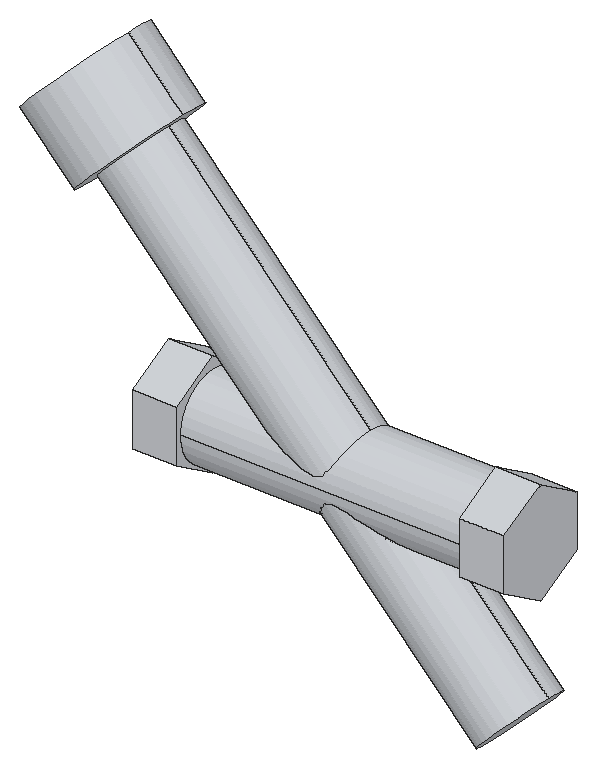
Revit family "304_Cim776 HF-_", category Pipe Accessories, Revit 2017
Family settings
  Round Connector Dimension = Use Diameter
  Part Type = Valve - Breaks Into
  Work Plane-Based = No
  Always vertical = Yes
  Cut with Voids When Loaded = No
  Shared = No
Parameters (values of type "Cim776 HF-15")
  magi_piping_given_dp [instance] = 0.0 Pa
  magiProductId = "Cim776 HF-15"
  magiProductFamilyId = "Cim776 HF-*"
  magiProductCode = "Cim776 HF-15"
  magiPartTypeId = 304
  ang2D [instance] = 0.00°
  Y4 = 21 mm
  W2D = 15 mm
  VersionID = "2.0/2015.11/CIMBERIO_CIM776_Q13_001"
  Use Minimum Symbol Size [instance] = yes
  URL = "www.cimberio.it"
  R1 = 13.5 mm
  QmdConnectorList = "301;D;302;D"
  Productdata [instance] = "© Progman Oy, all rights reserved"
  Manufacturer = "Cimberio"
  MC_Default_elevation = 0 mm
  LL5 = 138.734 mm
  LL2 = 72.96 mm
  LL1 = 48 mm
  L2D_Min = 3048 mm
  L2D = 96 mm
  HH3 = 20 mm
  HH1 = 60.382 mm
  Description = "AUTOMATIC BALANCING VALVE P.I.C.V. - PN 25 - \"CR\" BRASS - HIGH FLOW"
  DL__ve = -DL  # -11.52 mm
  DL = 11.52 mm
  DD2 = 31.6 mm
  DD1 = 21.6 mm
  D = 15 mm
  CenSd_R1_6 = R1 * cos(30.00°)  # 11.691 mm
  CAT0 = yes
Types (6, lengths in mm): name | magiProductId | magiProductCode | Y4 | W2D | R1 | LL5 | LL2 | LL1 | L2D | HH1 | DL__ve | DL | DD1 | D | CenSd_R1_6
  Cim776 HF-15 | "Cim776 HF-15" | "Cim776 HF-15" | 21 | 15 | 13.5 | 138.734 | 72.96 | 48 | 96 | 60.382 | -11.52 | 11.52 | 21.6 | 15 | 11.691
  Cim776 HF-50 | "Cim776 HF-50" | "Cim776 HF-50" | 60 | 50 | 34 | 210.329 | 117.8 | 77.5 | 155 | 62.681 | -18.6 | 18.6 | 54.4 | 50 | 29.445
  Cim776 HF-40 | "Cim776 HF-40" | "Cim776 HF-40" | 56 | 40 | 27 | 195.53 | 109.44 | 72 | 144 | 62.024 | -17.28 | 17.28 | 43.2 | 40 | 23.383
  Cim776 HF-32 | "Cim776 HF-32" | "Cim776 HF-32" | 44.8 | 32 | 24.5 | 142.49 | 97.28 | 64 | 128 | 55.653 | -15.36 | 15.36 | 39.2 | 32 | 21.218
  Cim776 HF-25 | "Cim776 HF-25" | "Cim776 HF-25" | 35 | 25 | 19.5 | 133.734 | 78.28 | 51.5 | 103 | 55.382 | -12.36 | 12.36 | 31.2 | 25 | 16.887
  Cim776 HF-20 | "Cim776 HF-20" | "Cim776 HF-20" | 28 | 20 | 16 | 136.234 | 73.72 | 48.5 | 97 | 57.882 | -11.64 | 11.64 | 25.6 | 20 | 13.856
Reference planes
  plane 1 "Center (Front/Back)": y = 0
  plane 2 "XYPLANE": z = 0
  plane 3 "Center (Left/Right)": x = 0
  plane 4 "INIT_TEMP": y = 100
  plane 5 "116": through (-585.733, 0, -474.927) normal (-0.7071, 0, 0.7071)
  plane 6 "115": y = 0
  plane 7 "114": through (-487.633, 0, -573.027) normal (-0.7071, 0, 0.7071)
  plane 8 "113": through (-530.33, 0, 530.33) normal (0.7071, 0, 0.7071)
  plane 9 "112": x = -36.48
  plane 10 "111": x = 48
  plane 11 "110": x = -48
  plane 12 "109": z = 0
  plane 13 "108": y = 0
  plane 14 "146XY": through (-530.33, 0, -530.33) normal (-0.7071, 0, 0.7071)
  plane 15 "146XZ": y = 0
  plane 16 "146YZ": through (-530.33, 0, 530.33) normal (0.7071, 0, 0.7071)
Forms (mm)
  Extrusion 1, solid, visible <- "CAT0"
    sketch origin (-487.633, 0, -573.027) x (0.707107, 0, 0.707107) y (0, 1, 0)
      loop
        circle (750, 0) r 10.5
    from 0 to 138.734 <- "LL5"
  Extrusion 2, solid, visible <- "CAT0"
    sketch origin (-585.733, 0, -474.927) x (0.707107, 0, 0.707107) y (0, 1, 0)
      loop
        circle (750, 0) r 15.8
    from 0 to 20 <- "HH3"
  Extrusion 3, solid, visible <- "CAT0"
    sketch origin (48, -750, 0) x (0, 1, 0) y (0, 0, 1)
      loop
        line (750, 13.5) -> (738.309, 6.75) -> (738.309, -6.75) -> (750, -13.5) -> (761.691, -6.75) -> (761.691, 6.75) -> (750, 13.5)
    from 0 to -11.52 <- "DL__ve"
  Extrusion 4, solid, visible <- "CAT0"
    sketch origin (-36.48, -750, 0) x (0, 1, 0) y (0, 0, 1)
      loop
        circle (750, 0) r 10.8
    from 0 to 72.96 <- "LL2"
  Extrusion 5, solid, visible <- "CAT0"
    sketch origin (-48, -750, 0) x (0, 1, 0) y (0, 0, 1)
      loop
        line (750, 13.5) -> (738.309, 6.75) -> (738.309, -6.75) -> (750, -13.5) -> (761.691, -6.75) -> (761.691, 6.75) -> (750, 13.5)
    from 0 to 11.52 <- "DL"
  Extrusion 6, solid, not visible
    sketch origin (48, -750, 0) x (0, 1, 0) y (0, 0, 1)
      loop
        circle (750, 0) r 10
    from 0 to -10
  Extrusion 7, solid, not visible
    sketch origin (-48, -750, 0) x (0, 1, 0) y (0, 0, 1)
      loop
        circle (750, 0) r 10
    from 0 to 10
Lines and regions (mm)
  reference lines
    curve 1: circle (48, 0, 0) r 1 normal (-1, 0, 0)
    curve 2: circle (-48, 0, 0) r 1 normal (1, 0, 0)
Text (mm)
  text "© Progman Oy, all rights reserved" at (-472.209, -2482.653, 0), in view "Ref. Level"
Dimensions and locks
  plane 4 "INIT_TEMP" to plane 1 "Center (Front/Back)" = 100 mm
  "LL5": plane 7 "114" to plane 5 "116"
  locked: plane 15 "146XZ" to plane 6 "115"
  "HH1": plane 14 "146XY" to plane 7 "114"
  locked: plane 16 "146YZ" to plane 8 "113"
  "DL": plane 11 "110" to plane 9 "112"
  "LL1": plane 3 "Center (Left/Right)" to plane 10 "111"
  "LL1": plane 3 "Center (Left/Right)" to plane 11 "110"
  locked: plane 2 "XYPLANE" to plane 12 "109"
  locked: plane 1 "Center (Front/Back)" to plane 13 "108"
  "CenSd_R1_6": curve 1 to Extrusion 3 sketch curve  (x6)
  "R1": curve 1 to Extrusion 3 sketch curve  (x6)
  "CenSd_R1_6": curve 2 to Extrusion 5 sketch curve  (x6)
  "R1": curve 2 to Extrusion 5 sketch curve  (x6)
  "Y4": diameter of Extrusion 1 sketch curve
  "DD2": diameter of Extrusion 2 sketch curve
  "DD1": diameter of Extrusion 4 sketch curve
  aligned and locked: level to plane 2 "XYPLANE"
  aligned and locked: plane 6 "115" to Extrusion 1 sketch curve
  aligned and locked: Extrusion 1 sketch curve to plane 8 "113"
  aligned and locked: plane 6 "115" to Extrusion 2 sketch curve
  aligned and locked: Extrusion 2 sketch curve to plane 8 "113"
  aligned and locked: plane 12 "109" to curve 1
  aligned and locked: curve 1 to plane 13 "108"
  aligned and locked: plane 12 "109" to Extrusion 4 sketch curve
  aligned and locked: Extrusion 4 sketch curve to plane 13 "108"
  aligned and locked: plane 12 "109" to curve 2
  aligned and locked: curve 2 to plane 13 "108"
  aligned and locked: plane 12 "109" to Extrusion 6 sketch curve
  aligned and locked: Extrusion 6 sketch curve to plane 13 "108"
  aligned and locked: plane 12 "109" to Extrusion 7 sketch curve
  aligned and locked: Extrusion 7 sketch curve to plane 13 "108"
Automatic sketch dimensions
  plane 1 "Center (Front/Back)" to Extrusion 6 sketch curve = 10 mm
  plane 1 "Center (Front/Back)" to Extrusion 7 sketch curve = 10 mm
  radius of curve 1 = 1 mm
  radius of curve 2 = 1 mm
Connectors
  piping at (-48, 0, 0), diameter 15, driven by "D"
    settings: on Extrusion 7, index 1, connector inside diameter 609.6 mm, connector length 0 mm, flow factor 0, pipe flow 0.0 L/s, pressure drop 0.0 Pa, fitting loss kfactor 0, connector angle 0.00°, fixture units 0, engagement length 0 mm, angle of deflection 0.00°, flow configuration 0, flow direction 0, fitting loss method 0, system type 29, joint type 0, gender type 0, connector reference index 2, connector utility 0, adjustable connector no, is connector primary yes, connector description ""
  piping at (48, 0, 0), diameter 15, driven by "D"
    settings: on Extrusion 6, index 2, connector inside diameter 609.6 mm, connector length 0 mm, flow factor 0, pipe flow 0.0 L/s, pressure drop 0.0 Pa, fitting loss kfactor 0, connector angle 0.00°, fixture units 0, engagement length 0 mm, angle of deflection 0.00°, flow configuration 0, flow direction 0, fitting loss method 0, system type 29, joint type 0, gender type 0, connector reference index 1, connector utility 0, adjustable connector no, is connector primary no, connector description ""
